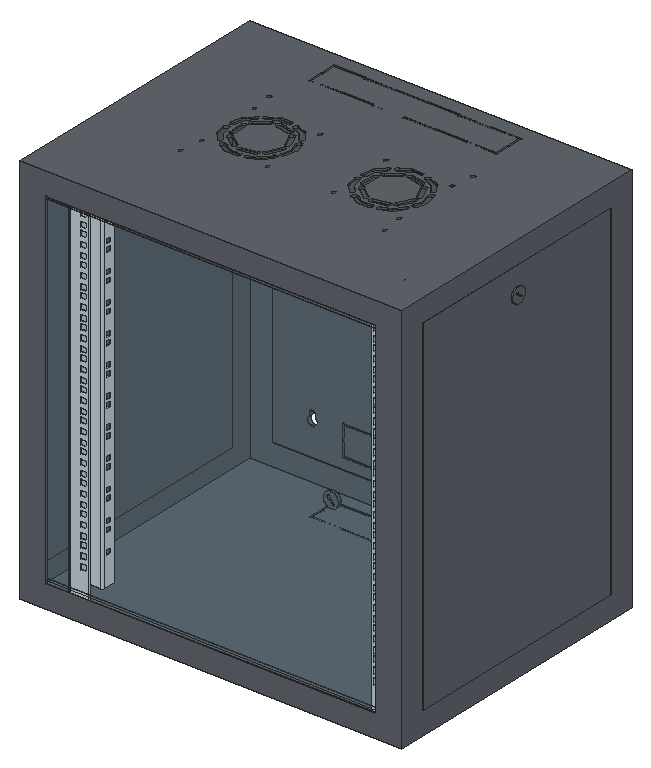
Revit family "Legrand Linkeo coffrets fixes avec panneaux latéraux amovilbles", category Equipement spécialisé, Revit 2020 (continued)
Forms (mm)
  Extrusion 87, void
    sketch origin (528, -414, 402.05) x (-1, 0, 0) y (0, 0, 1)
      loop
        line (-3.5, 76.4) -> (-3.5, 85.9) -> (-13, 85.9) -> (-13, 76.4) -> (-3.5, 76.4)
    from 0 to 1.5
  Extrusion 88, void
    sketch origin (528, -414, 402.05) x (-1, 0, 0) y (0, 0, 1)
      loop
        line (-3.5, 60.53) -> (-3.5, 70.03) -> (-13, 70.03) -> (-13, 60.53) -> (-3.5, 60.53)
    from 0 to 1.5
  Extrusion 89, void
    sketch origin (60.5, -414, 402.05) x (-1, 0, 0) y (0, 0, 1)
      loop
        line (-3.5, 44.65) -> (-3.5, 54.15) -> (-13, 54.15) -> (-13, 44.65) -> (-3.5, 44.65)
      loop
        line (-3.5, 76.4) -> (-3.5, 85.9) -> (-13, 85.9) -> (-13, 76.4) -> (-3.5, 76.4)
    from 0 to 1.5
  Extrusion 90, void
    sketch origin (60.5, -414, 402.05) x (-1, 0, 0) y (0, 0, 1)
      loop
        line (-3.5, 60.53) -> (-3.5, 70.03) -> (-13, 70.03) -> (-13, 60.53) -> (-3.5, 60.53)
    from 0 to 1.5
  Extrusion 91, void
    sketch origin (528, -414, 446.5) x (-1, 0, 0) y (0, 0, 1)
      loop
        line (-3.5, 44.65) -> (-3.5, 54.15) -> (-13, 54.15) -> (-13, 44.65) -> (-3.5, 44.65)
      loop
        line (-3.5, 76.4) -> (-3.5, 85.9) -> (-13, 85.9) -> (-13, 76.4) -> (-3.5, 76.4)
    from 0 to 1.5
  Extrusion 92, void
    sketch origin (528, -414, 446.5) x (-1, 0, 0) y (0, 0, 1)
      loop
        line (-3.5, 60.53) -> (-3.5, 70.03) -> (-13, 70.03) -> (-13, 60.53) -> (-3.5, 60.53)
    from 0 to 1.5
  Extrusion 93, void
    sketch origin (60.5, -414, 446.5) x (-1, 0, 0) y (0, 0, 1)
      loop
        line (-3.5, 44.65) -> (-3.5, 54.15) -> (-13, 54.15) -> (-13, 44.65) -> (-3.5, 44.65)
      loop
        line (-3.5, 76.4) -> (-3.5, 85.9) -> (-13, 85.9) -> (-13, 76.4) -> (-3.5, 76.4)
    from 0 to 1.5
  Extrusion 94, void
    sketch origin (60.5, -414, 446.5) x (-1, 0, 0) y (0, 0, 1)
      loop
        line (-3.5, 60.53) -> (-3.5, 70.03) -> (-13, 70.03) -> (-13, 60.53) -> (-3.5, 60.53)
    from 0 to 1.5
  Extrusion 95, void
    sketch origin (528, -414, 490.95) x (-1, 0, 0) y (0, 0, 1)
      loop
        line (-3.5, 44.65) -> (-3.5, 54.15) -> (-13, 54.15) -> (-13, 44.65) -> (-3.5, 44.65)
      loop
        line (-3.5, 76.4) -> (-3.5, 85.9) -> (-13, 85.9) -> (-13, 76.4) -> (-3.5, 76.4)
    from 0 to 1.5
  Extrusion 96, void
    sketch origin (528, -414, 490.95) x (-1, 0, 0) y (0, 0, 1)
      loop
        line (-3.5, 60.53) -> (-3.5, 70.03) -> (-13, 70.03) -> (-13, 60.53) -> (-3.5, 60.53)
    from 0 to 1.5
  Extrusion 97, void
    sketch origin (60.5, -414, 490.95) x (-1, 0, 0) y (0, 0, 1)
      loop
        line (-3.5, 44.65) -> (-3.5, 54.15) -> (-13, 54.15) -> (-13, 44.65) -> (-3.5, 44.65)
      loop
        line (-3.5, 76.4) -> (-3.5, 85.9) -> (-13, 85.9) -> (-13, 76.4) -> (-3.5, 76.4)
    from 0 to 1.5
  Extrusion 98, void
    sketch origin (60.5, -414, 490.95) x (-1, 0, 0) y (0, 0, 1)
      loop
        line (-3.5, 60.53) -> (-3.5, 70.03) -> (-13, 70.03) -> (-13, 60.53) -> (-3.5, 60.53)
    from 0 to 1.5
  Extrusion 99, void
    sketch origin (0, 0, 400.05) x (0, 1, 0) y (0, 0, 1)
      loop
        line (-367.986, 87.9) -> (-367.986, 78.4) -> (-358.486, 78.4) -> (-358.486, 87.9) -> (-367.986, 87.9)
    from 539 to 66
  Extrusion 100, void
    sketch origin (0, 0, 368.3) x (0, 1, 0) y (0, 0, 1)
      loop
        line (-367.986, 87.9) -> (-367.986, 78.4) -> (-358.486, 78.4) -> (-358.486, 87.9) -> (-367.986, 87.9)
    from 539 to 66
  Extrusion 101, void
    sketch origin (0, 0, 444.5) x (0, 1, 0) y (0, 0, 1)
      loop
        line (-367.986, 87.9) -> (-367.986, 78.4) -> (-358.486, 78.4) -> (-358.486, 87.9) -> (-367.986, 87.9)
    from 539 to 66
  Extrusion 102, void
    sketch origin (0, 0, 412.75) x (0, 1, 0) y (0, 0, 1)
      loop
        line (-367.986, 87.9) -> (-367.986, 78.4) -> (-358.486, 78.4) -> (-358.486, 87.9) -> (-367.986, 87.9)
    from 539 to 66
  Extrusion 103, void
    sketch origin (0, 0, 488.95) x (0, 1, 0) y (0, 0, 1)
      loop
        line (-367.986, 87.9) -> (-367.986, 78.4) -> (-358.486, 78.4) -> (-358.486, 87.9) -> (-367.986, 87.9)
    from 539 to 66
  Extrusion 104, void
    sketch origin (0, 0, 457.2) x (0, 1, 0) y (0, 0, 1)
      loop
        line (-367.986, 87.9) -> (-367.986, 78.4) -> (-358.486, 78.4) -> (-358.486, 87.9) -> (-367.986, 87.9)
    from 539 to 66
Cuts and joins
  Extrusion 2, Extrusion 3, Extrusion 6, Extrusion 7, Extrusion 8, Extrusion 40, Extrusion 57 cuts Extrusion 1
  Extrusion 9, Extrusion 11, Extrusion 12, Extrusion 15, Extrusion 52 cuts Extrusion 5
  Extrusion 11, Extrusion 12, Extrusion 16, Extrusion 17, Extrusion 20, Extrusion 21, Extrusion 24, Extrusion 25, Extrusion 28, Extrusion 29, Extrusion 32, Extrusion 33, Extrusion 36, Extrusion 37, Extrusion 40, Extrusion 41, Extrusion 42, Extrusion 43, Extrusion 44, Extrusion 45, Extrusion 46, Extrusion 47, Extrusion 48, Extrusion 49, Extrusion 50, Extrusion 51, Extrusion 69, Extrusion 70, Extrusion 73, Extrusion 74, Extrusion 77, Extrusion 78, Extrusion 81, Extrusion 82, Extrusion 83, Extrusion 84, Extrusion 85, Extrusion 86, Extrusion 87, Extrusion 88, Extrusion 91, Extrusion 92, Extrusion 95, Extrusion 96, Extrusion 99, Extrusion 100, Extrusion 101, Extrusion 102, Extrusion 103, Extrusion 104 cuts Extrusion 10
  Extrusion 16, Extrusion 17, Extrusion 22, Extrusion 23, Extrusion 26, Extrusion 27, Extrusion 30, Extrusion 31, Extrusion 34, Extrusion 35, Extrusion 38, Extrusion 39, Extrusion 40, Extrusion 41, Extrusion 42, Extrusion 43, Extrusion 44, Extrusion 45, Extrusion 46, Extrusion 47, Extrusion 48, Extrusion 49, Extrusion 50, Extrusion 51, Extrusion 71, Extrusion 72, Extrusion 75, Extrusion 76, Extrusion 79, Extrusion 80, Extrusion 81, Extrusion 82, Extrusion 83, Extrusion 84, Extrusion 85, Extrusion 86, Extrusion 89, Extrusion 90, Extrusion 93, Extrusion 94, Extrusion 97, Extrusion 98, Extrusion 99, Extrusion 100, Extrusion 101, Extrusion 102, Extrusion 103, Extrusion 104 cuts Extrusion 13
  Extrusion 54 cuts Extrusion 53
  Extrusion 63, Extrusion 65 cuts Extrusion 62
  Extrusion 65 cuts Extrusion 64
Lines and regions (mm)
  model lines, not visible
    curve 1: line (492, 4, 312.5) -> (516, 4, 312.5)
    curve 2: line (0, -239, 293.041) -> (0, -227, 293.041)
    curve 3: line (0, -237, 548) -> (0, -225, 548)
    curve 4: line (608, -213, 548) -> (608, -225, 548)
    curve 5: line (661, -215, 282) -> (661, -227, 282)
    curve 6: line (0, -225, 548) -> (0, -225, 536)
    curve 7: line (53, -227, 282) -> (53, -227, 270)
    curve 8: line (0, -225, 548) -> (0, -225, 536)
    curve 9: line (0, -227, 293.041) -> (0, -227, 281.041)
    curve 10: line (280.2, -221, 359) -> (325.2, -221, 359)
    curve 11: line (280.2, -346.078, 359) -> (325.2, -346.078, 359)
Dimensions and locks
  "Largeur (mm)": plane 4 to plane 3 "Centre (gauche/droite)"
  "Hauteur (mm)": plane 5 to level
  "Profondeur (mm)": plane 6 to plane 1 "Centre (avant/arrière)"
  "Passage utile en largeur (mm)": plane 7 to plane 8
  equal spacing: plane 7, plane 9, plane 8
  equal spacing: plane 4, plane 9, plane 3 "Centre (gauche/droite)"
  equal spacing: plane 5, plane 12, level
  equal spacing: plane 10, plane 12, plane 11
  "Passage utile en hauteur (mm)": plane 10 to plane 11
  locked: Extrusion 2 sketch curve to plane 3 "Centre (gauche/droite)" at 2
  locked: Extrusion 2 sketch curve to plane 4 at 2
  locked: Extrusion 2 sketch curve to level at 2
  locked: plane 5 to Extrusion 2 sketch curve at 2
  locked: plane 6 to plane 13 at 2
  locked: cut or joined group 1 (Extrusion 1, Extrusion 2, Extrusion 3, Extrusion 6, Extrusion 7, Extrusion 8, Extrusion 40, Extrusion 57) to plane 1 "Centre (avant/arrière)" at 2
  plane 10 to Extrusion 4 sketch curve = 5.00 mm
  Extrusion 4 sketch curve to plane 11 = 5.00 mm
  locked: cut or joined group 1 to Extrusion 4 at 5
  locked: Extrusion 5 to plane 1 "Centre (avant/arrière)" at 5
  equal spacing: plane 3 "Centre (gauche/droite)", plane 14, plane 4
  equal spacing: plane 25, plane 26, plane 24
  equal spacing: plane 22, plane 20, plane 23
  "Fixation Y": plane 22 to plane 23
  "Fixation X": plane 25 to plane 24
  "Emplacement de rack": plane 27 to plane 6
  "Epaisseur (mm)": plane 29 to plane 27
  "Epaisseur (mm)": plane 30 to plane 31
  "Epaisseur (mm)": plane 32 to plane 33
  "Epaisseur (mm)": plane 34 to plane 35
  plane 31 to cut or joined group 1 = 45.00 mm
  locked: plane 28 to plane 30 at 31.5
  locked: plane 33 to plane 27 at 42
  locked: plane 34 to plane 31 at 23.5
  locked: plane 32 to plane 36 at 21.5
  locked: plane 37 to level at 46.65
  locked: plane 38 to plane 37 at 9.5
  locked: plane 39 to plane 40 at 9.5
  locked: plane 28 to plane 39 at 3.5
  locked: plane 42 to plane 41 at 9.5
  locked: plane 41 to plane 37 at 31.75
  locked: plane 44 to plane 43 at 9.5
  locked: plane 45 to plane 46 at 9.5
  locked: plane 46 to plane 38 at 6.38
  "Epaisseur (mm)": plane 49 to plane 50
  "Epaisseur (mm)": plane 51 to plane 52
  locked: plane 49 to plane 53 at 21.5
  locked: plane 54 to plane 11 at 5
  plane 5 to plane 55 to plane 10 = 35.00 mm, 0.00 mm
  equal spacing: group 4, group 8, group 11, group 14, group 17, group 20, group 38, group 41, group 44, group 50, group 53, group 56  (x3)
  equal spacing: group 21, group 22, group 23, group 24, group 25, group 26, group 45, group 46, group 47, group 57, group 58, group 59  (x3)
  locked: plane 6 to plane 60 at 40
  locked: plane 58 to plane 1 "Centre (avant/arrière)" at 40
  locked: plane 59 to level at 35
  locked: plane 55 to plane 5 at 35
  locked: plane 27 to plane 61 "Panneaux gauche" at 3.5
  locked: plane 62 "Panneaux droit" to plane 58 at 3.5
  locked: plane 63 "Panneaux haut" to plane 55 at 2
  locked: plane 3 "Centre (gauche/droite)" to Extrusion 58 at 5
  locked: Extrusion 59 to cut or joined group 1 at 5
  plane 62 "Panneaux droit" to plane 61 "Panneaux gauche" = 371.00 mm
  plane 64 to plane 5 = 77.00 mm
  locked: plane 5 to plane 65 at 77
  equal spacing: plane 61 "Panneaux gauche", plane 66, plane 62 "Panneaux droit"
  equal spacing: plane 61 "Panneaux gauche", plane 67, plane 62 "Panneaux droit"
  locked: plane 1 "Centre (avant/arrière)" to plane 68 at 225
  aligned and locked: level to plane 2
  aligned and locked: Extrusion 1 sketch curve to level
  aligned and locked: Extrusion 1 sketch curve to plane 6
  aligned and locked: plane 5 to Extrusion 1 sketch curve
  aligned and locked: Extrusion 1 sketch curve to plane 1 "Centre (avant/arrière)"
  aligned and locked: Extrusion 1 to plane 4
  aligned and locked: Extrusion 1 to plane 3 "Centre (gauche/droite)"
  aligned and locked: cut or joined group 1 to plane 13
  aligned and locked: Extrusion 3 sketch curve to plane 10
  aligned and locked: Extrusion 3 sketch curve to plane 7
  aligned and locked: plane 11 to Extrusion 3 sketch curve
  aligned and locked: Extrusion 3 sketch curve to plane 8
  aligned and locked: Extrusion 1 to Extrusion 3
  aligned and locked: Extrusion 3 to plane 1 "Centre (avant/arrière)"
  aligned and locked: Extrusion 4 sketch curve to plane 7
  aligned and locked: Extrusion 4 sketch curve to plane 8
  aligned and locked: Extrusion 5 sketch curve to plane 8
  aligned and locked: Extrusion 5 sketch curve to plane 7
  aligned and locked: Extrusion 5 to plane 1 "Centre (avant/arrière)"
  aligned and locked: plane 5 to Extrusion 7
  aligned and locked: Extrusion 7 to Extrusion 2
  aligned and locked: Extrusion 8 to level
  aligned and locked: plane 26 to plane 9
  aligned and locked: plane 20 to plane 12
  aligned and locked: Extrusion 5 to Extrusion 9
  aligned and locked: plane 28 to Extrusion 10 sketch curve
  aligned and locked: Extrusion 10 sketch curve to plane 27
  aligned and locked: Extrusion 10 sketch curve to plane 31
  aligned and locked: Extrusion 10 sketch curve to plane 33
  aligned and locked: Extrusion 10 sketch curve to plane 35
  aligned and locked: Extrusion 10 sketch curve to plane 36
  aligned and locked: plane 34 to Extrusion 10 sketch curve
  aligned and locked: plane 32 to Extrusion 10 sketch curve
  aligned and locked: Extrusion 10 sketch curve to plane 30
  aligned and locked: plane 29 to Extrusion 10 sketch curve
  aligned and locked: cut or joined group 1 to Extrusion 10
  aligned and locked: Extrusion 10 to Extrusion 11
  aligned and locked: plane 29 to Extrusion 12
  aligned and locked: plane 47 to Extrusion 13 sketch curve
  aligned and locked: plane 50 to Extrusion 13 sketch curve
  aligned and locked: Extrusion 13 sketch curve to plane 52
  aligned and locked: Extrusion 13 sketch curve to plane 53
  aligned and locked: plane 51 to Extrusion 13 sketch curve
  aligned and locked: Extrusion 13 sketch curve to plane 49
  aligned and locked: Extrusion 13 sketch curve to plane 48
  aligned and locked: cut or joined group 1 to Extrusion 13
  aligned and locked: Extrusion 14 sketch curve to Extrusion 14 sketch curve  (x9)
  aligned and locked: plane 54 to cut or joined group of Extrusion 5, Extrusion 9, Extrusion 11, Extrusion 12, Extrusion 15, Extrusion 52
  aligned and locked: Extrusion 40 to plane 35
  aligned and locked: Extrusion 40 to plane 41
  aligned and locked: plane 42 to Extrusion 40
  aligned and locked: Extrusion 40 to plane 43
  aligned and locked: plane 44 to Extrusion 40
  aligned and locked: cut or joined group 2 (Extrusion 13, Extrusion 16, Extrusion 17, Extrusion 22, Extrusion 23, Extrusion 26, Extrusion 27, Extrusion 30, Extrusion 31, Extrusion 34, Extrusion 35, Extrusion 38, Extrusion 39, Extrusion 40, Extrusion 41, Extrusion 42, Extrusion 43, Extrusion 44, Extrusion 45, Extrusion 46, Extrusion 47, Extrusion 48, Extrusion 49, Extrusion 50, Extrusion 51, Extrusion 71, Extrusion 72, Extrusion 75, Extrusion 76, Extrusion 79, Extrusion 80, Extrusion 81, Extrusion 82, Extrusion 83, Extrusion 84, Extrusion 85, Extrusion 86, Extrusion 89, Extrusion 90, Extrusion 93, Extrusion 94, Extrusion 97, Extrusion 98, Extrusion 99, Extrusion 100, Extrusion 101, Extrusion 102, Extrusion 103, Extrusion 104) to Extrusion 41
  aligned and locked: cut or joined group 2 to Extrusion 40
  aligned and locked: Extrusion 52 sketch curve to Extrusion 52 sketch curve  (x9)
  aligned and locked: Extrusion 53 to plane 56
  aligned and locked: plane 56 to plane 20
  aligned and locked: Extrusion 4 to plane 57
  aligned and locked: plane 6 to plane 57
  aligned and locked: plane 59 to Extrusion 57 sketch curve
  aligned and locked: Extrusion 57 sketch curve to plane 27
  aligned and locked: Extrusion 57 sketch curve to plane 55
  aligned and locked: plane 58 to Extrusion 57 sketch curve
  aligned and locked: Extrusion 57 to plane 4
  aligned and locked: plane 59 to Extrusion 58 sketch curve
  aligned and locked: Extrusion 58 sketch curve to plane 61 "Panneaux gauche"
  aligned and locked: Extrusion 58 sketch curve to plane 63 "Panneaux haut"
  aligned and locked: plane 62 "Panneaux droit" to Extrusion 58 sketch curve
  aligned and locked: plane 62 "Panneaux droit" to Extrusion 59
  aligned and locked: Extrusion 59 to plane 63 "Panneaux haut"
  aligned and locked: Extrusion 59 to plane 61 "Panneaux gauche"
  aligned and locked: cut or joined group 1 to Extrusion 59
  aligned and locked: plane 64 to curve 3
  aligned and locked: plane 4 to Extrusion 64
  aligned and locked: plane 65 to curve 4
  aligned and locked: plane 66 to curve 6
  aligned and locked: plane 67 to curve 3
  aligned and locked: plane 68 to curve 10
  aligned and locked: plane 5 to Extrusion 6
  aligned and locked: Extrusion 6 to Extrusion 2
Automatic sketch dimensions
  Extrusion 11 sketch curve to Extrusion 11 sketch curve = 0.00 mm
  Extrusion 11 sketch curve to Extrusion 11 sketch curve = 9.50 mm  (x4)
  Extrusion 11 sketch curve to Extrusion 11 sketch curve = 22.25 mm
  Extrusion 12 sketch curve to Extrusion 12 sketch curve = 9.50 mm  (x2)
  Extrusion 16 sketch curve to Extrusion 16 sketch curve = 0.00 mm
  Extrusion 16 sketch curve to Extrusion 16 sketch curve = 9.50 mm  (x4)
  Extrusion 16 sketch curve to Extrusion 16 sketch curve = 22.25 mm
  Extrusion 17 sketch curve to Extrusion 17 sketch curve = 9.50 mm  (x2)
  Extrusion 18 sketch curve to Extrusion 18 sketch curve = 0.00 mm
  Extrusion 18 sketch curve to Extrusion 18 sketch curve = 9.50 mm  (x4)
  Extrusion 18 sketch curve to Extrusion 18 sketch curve = 22.25 mm
  Extrusion 19 sketch curve to Extrusion 19 sketch curve = 9.50 mm  (x2)
  Extrusion 20 sketch curve to Extrusion 20 sketch curve = 0.00 mm
  Extrusion 20 sketch curve to Extrusion 20 sketch curve = 9.50 mm  (x4)
  Extrusion 20 sketch curve to Extrusion 20 sketch curve = 22.25 mm
  Extrusion 21 sketch curve to Extrusion 21 sketch curve = 9.50 mm  (x2)
  Extrusion 22 sketch curve to Extrusion 22 sketch curve = 0.00 mm
  Extrusion 22 sketch curve to Extrusion 22 sketch curve = 9.50 mm  (x4)
  Extrusion 22 sketch curve to Extrusion 22 sketch curve = 22.25 mm
  Extrusion 23 sketch curve to Extrusion 23 sketch curve = 9.50 mm  (x2)
  Extrusion 24 sketch curve to Extrusion 24 sketch curve = 0.00 mm
  Extrusion 24 sketch curve to Extrusion 24 sketch curve = 9.50 mm  (x4)
  Extrusion 24 sketch curve to Extrusion 24 sketch curve = 22.25 mm
  Extrusion 25 sketch curve to Extrusion 25 sketch curve = 9.50 mm  (x2)
  Extrusion 26 sketch curve to Extrusion 26 sketch curve = 0.00 mm
  Extrusion 26 sketch curve to Extrusion 26 sketch curve = 9.50 mm  (x4)
  Extrusion 26 sketch curve to Extrusion 26 sketch curve = 22.25 mm
  Extrusion 27 sketch curve to Extrusion 27 sketch curve = 9.50 mm  (x2)
  Extrusion 28 sketch curve to Extrusion 28 sketch curve = 0.00 mm
  Extrusion 28 sketch curve to Extrusion 28 sketch curve = 9.50 mm  (x4)
  Extrusion 28 sketch curve to Extrusion 28 sketch curve = 22.25 mm
  Extrusion 29 sketch curve to Extrusion 29 sketch curve = 9.50 mm  (x2)
  Extrusion 30 sketch curve to Extrusion 30 sketch curve = 0.00 mm
  Extrusion 30 sketch curve to Extrusion 30 sketch curve = 9.50 mm  (x4)
  Extrusion 30 sketch curve to Extrusion 30 sketch curve = 22.25 mm
  Extrusion 31 sketch curve to Extrusion 31 sketch curve = 9.50 mm  (x2)
  Extrusion 32 sketch curve to Extrusion 32 sketch curve = 0.00 mm
  Extrusion 32 sketch curve to Extrusion 32 sketch curve = 9.50 mm  (x4)
  Extrusion 32 sketch curve to Extrusion 32 sketch curve = 22.25 mm
  Extrusion 33 sketch curve to Extrusion 33 sketch curve = 9.50 mm  (x2)
  Extrusion 34 sketch curve to Extrusion 34 sketch curve = 0.00 mm
  Extrusion 34 sketch curve to Extrusion 34 sketch curve = 9.50 mm  (x4)
  Extrusion 34 sketch curve to Extrusion 34 sketch curve = 22.25 mm
  Extrusion 35 sketch curve to Extrusion 35 sketch curve = 9.50 mm  (x2)
  Extrusion 36 sketch curve to Extrusion 36 sketch curve = 0.00 mm
  Extrusion 36 sketch curve to Extrusion 36 sketch curve = 9.50 mm  (x4)
  Extrusion 36 sketch curve to Extrusion 36 sketch curve = 22.25 mm
  Extrusion 37 sketch curve to Extrusion 37 sketch curve = 9.50 mm  (x2)
  Extrusion 38 sketch curve to Extrusion 38 sketch curve = 0.00 mm
  Extrusion 38 sketch curve to Extrusion 38 sketch curve = 9.50 mm  (x4)
  Extrusion 38 sketch curve to Extrusion 38 sketch curve = 22.25 mm
  Extrusion 39 sketch curve to Extrusion 39 sketch curve = 9.50 mm  (x2)
  Extrusion 40 sketch curve to Extrusion 40 sketch curve = 9.50 mm  (x2)
  Extrusion 41 sketch curve to Extrusion 41 sketch curve = 9.50 mm  (x2)
  Extrusion 42 sketch curve to Extrusion 42 sketch curve = 9.50 mm  (x2)
  Extrusion 43 sketch curve to Extrusion 43 sketch curve = 9.50 mm  (x2)
  Extrusion 44 sketch curve to Extrusion 44 sketch curve = 9.50 mm  (x2)
  Extrusion 45 sketch curve to Extrusion 45 sketch curve = 9.50 mm  (x2)
  Extrusion 46 sketch curve to Extrusion 46 sketch curve = 9.50 mm  (x2)
  Extrusion 47 sketch curve to Extrusion 47 sketch curve = 9.50 mm  (x2)
  Extrusion 48 sketch curve to Extrusion 48 sketch curve = 9.50 mm  (x2)
  Extrusion 49 sketch curve to Extrusion 49 sketch curve = 9.50 mm  (x2)
  Extrusion 50 sketch curve to Extrusion 50 sketch curve = 9.50 mm  (x2)
  Extrusion 51 sketch curve to Extrusion 51 sketch curve = 9.50 mm  (x2)
  Extrusion 54 sketch curve to Extrusion 54 sketch curve = 1.933 mm  (x2)
  Extrusion 54 sketch curve to Extrusion 54 sketch curve = 10.607 mm
  Extrusion 56 sketch curve to Extrusion 56 sketch curve = 1.933 mm  (x2)
  Extrusion 56 sketch curve to Extrusion 56 sketch curve = 10.607 mm
  Extrusion 52 sketch curve to Extrusion 52 sketch curve = 0.00 mm  (x16)
  Extrusion 52 sketch curve to Extrusion 52 sketch curve = 3.00 mm  (x6)
  Extrusion 52 sketch curve to Extrusion 52 sketch curve = 21.25 mm  (x3)
  Extrusion 52 sketch curve to Extrusion 52 sketch curve = 1.50 mm  (x12)
  Extrusion 52 sketch curve to Extrusion 52 sketch curve = 44.00 mm
  Extrusion 52 sketch curve to Extrusion 52 sketch curve = 46.25 mm  (x3)
  Extrusion 52 sketch curve to Extrusion 52 sketch curve = 48.50 mm  (x4)
  Extrusion 14 sketch curve to Extrusion 14 sketch curve = 0.00 mm  (x16)
  Extrusion 14 sketch curve to Extrusion 14 sketch curve = 3.00 mm  (x6)
  Extrusion 14 sketch curve to Extrusion 14 sketch curve = 21.25 mm  (x3)
  Extrusion 14 sketch curve to Extrusion 14 sketch curve = 1.50 mm  (x12)
  Extrusion 14 sketch curve to Extrusion 14 sketch curve = 44.00 mm
  Extrusion 14 sketch curve to Extrusion 14 sketch curve = 46.25 mm  (x3)
  Extrusion 14 sketch curve to Extrusion 14 sketch curve = 48.50 mm  (x4)
  curve 1 to plane 12 = 0.00 mm
  plane 24 to curve 1 = 12.00 mm
  curve 1 to plane 24 = 12.00 mm
  Extrusion 9 sketch curve to plane 23 = 0.00 mm  (x4)
  Extrusion 9 sketch curve to plane 25 = 0.00 mm  (x2)
  plane 24 to Extrusion 9 sketch curve = 0.00 mm  (x2)
  Extrusion 9 sketch curve to Extrusion 9 sketch curve = 4.251 mm
  plane 24 to Extrusion 9 sketch curve = 4.251 mm
  Extrusion 9 sketch curve to Extrusion 9 sketch curve = 5.069 mm  (x2)
  Extrusion 9 sketch curve to Extrusion 9 sketch curve = 6.179 mm  (x2)
  Extrusion 61 sketch curve to Extrusion 61 sketch curve = 1.933 mm  (x2)
  Extrusion 61 sketch curve to Extrusion 61 sketch curve = 10.607 mm
  curve 2 to curve 2 = 12.00 mm
  Extrusion 63 sketch curve to Extrusion 63 sketch curve = 1.933 mm  (x2)
  Extrusion 63 sketch curve to Extrusion 63 sketch curve = 10.607 mm
  curve 3 to curve 3 = 12.00 mm
  Extrusion 65 sketch curve to Extrusion 65 sketch curve = 1.933 mm  (x2)
  Extrusion 65 sketch curve to Extrusion 65 sketch curve = 10.607 mm
  curve 4 to curve 4 = 12.00 mm
  Extrusion 5 sketch curve to plane 54 = 0.00 mm
  plane 63 "Panneaux haut" to Extrusion 5 sketch curve = 3.50 mm
  Extrusion 1 to Extrusion 7 sketch curve = 24.00 mm  (x3)
  Extrusion 1 to Extrusion 7 sketch curve = 152.50 mm
  Extrusion 7 sketch curve to Extrusion 7 sketch curve = 0.00 mm  (x17)
  Extrusion 7 sketch curve to Extrusion 7 sketch curve = 3.00 mm  (x11)
  Extrusion 7 sketch curve to Extrusion 7 sketch curve = 46.25 mm  (x3)
  Extrusion 7 sketch curve to Extrusion 7 sketch curve = 1.50 mm  (x12)
  Extrusion 7 sketch curve to Extrusion 7 sketch curve = 48.50 mm  (x4)
  Extrusion 1 to Extrusion 7 sketch curve = 27.00 mm
  Extrusion 7 sketch curve to Extrusion 7 sketch curve = 21.25 mm  (x2)
  Extrusion 7 sketch curve to Extrusion 7 sketch curve = 44.00 mm  (x2)
  plane 58 to Extrusion 8 sketch curve = 16.00 mm  (x2)
  plane 25 to Extrusion 8 sketch curve = 50.00 mm
  Extrusion 8 sketch curve to Extrusion 8 sketch curve = 0.00 mm  (x17)
  Extrusion 8 sketch curve to Extrusion 8 sketch curve = 3.00 mm  (x8)
  plane 58 to Extrusion 8 sketch curve = 13.00 mm  (x4)
  Extrusion 8 sketch curve to Extrusion 8 sketch curve = 46.25 mm  (x3)
  Extrusion 8 sketch curve to Extrusion 8 sketch curve = 1.50 mm  (x10)
  Extrusion 8 sketch curve to Extrusion 8 sketch curve = 48.50 mm  (x3)
  Extrusion 8 sketch curve to plane 9 = 0.75 mm  (x2)
  plane 9 to Extrusion 8 sketch curve = 0.75 mm  (x2)
  Extrusion 8 sketch curve to plane 62 "Panneaux droit" = 4.75 mm
  Extrusion 8 sketch curve to plane 62 "Panneaux droit" = 6.25 mm
  Extrusion 8 sketch curve to plane 62 "Panneaux droit" = 27.50 mm  (x2)
  Extrusion 10 sketch curve to Extrusion 10 sketch curve = 0.00 mm  (x6)
  Extrusion 10 sketch curve to Extrusion 10 sketch curve = 1.50 mm  (x3)
  Extrusion 13 sketch curve to Extrusion 13 sketch curve = 0.00 mm  (x6)
  Extrusion 13 sketch curve to Extrusion 13 sketch curve = 1.50 mm  (x2)
  Extrusion 13 sketch curve to Extrusion 13 sketch curve = 30.00 mm
  Extrusion 13 sketch curve to Extrusion 13 sketch curve = 17.50 mm
  Extrusion 15 sketch curve to plane 22 = 0.00 mm  (x4)
  Extrusion 15 sketch curve to plane 25 = 0.00 mm  (x2)
  plane 24 to Extrusion 15 sketch curve = 0.00 mm  (x2)
  Extrusion 15 sketch curve to Extrusion 15 sketch curve = 4.251 mm
  plane 24 to Extrusion 15 sketch curve = 4.251 mm
  Extrusion 15 sketch curve to Extrusion 15 sketch curve = 5.069 mm  (x2)
  plane 42 to Extrusion 15 sketch curve = 3.852 mm  (x2)
  Extrusion 59 sketch curve to plane 61 "Panneaux gauche" = 0.00 mm
  plane 63 "Panneaux haut" to Extrusion 59 sketch curve = 0.00 mm
  plane 59 to Extrusion 59 sketch curve = 0.00 mm
  Extrusion 59 sketch curve to plane 62 "Panneaux droit" = 0.00 mm
  Extrusion 67 sketch curve to Extrusion 67 sketch curve = 1.933 mm  (x2)
  Extrusion 67 sketch curve to Extrusion 67 sketch curve = 10.607 mm
  curve 6 to curve 6 = 12.00 mm
  curve 7 to curve 7 = 12.00 mm
  curve 8 to curve 8 = 12.00 mm
  curve 9 to curve 9 = 12.00 mm
  curve 10 to curve 10 = 45.00 mm
  curve 11 to curve 11 = 45.00 mm
  Extrusion 6 sketch curve to Extrusion 6 sketch curve = 0.00 mm  (x120)
  Extrusion 6 sketch curve to Extrusion 6 sketch curve = 0.762 mm
  Extrusion 6 sketch curve to Extrusion 6 sketch curve = 0.023 mm
  Extrusion 6 sketch curve to Extrusion 6 sketch curve = 4.116 mm  (x2)
  Extrusion 6 sketch curve to Extrusion 6 sketch curve = 4.13 mm
  Extrusion 6 sketch curve to Extrusion 6 sketch curve = 5.00 mm
  Extrusion 6 sketch curve to Extrusion 6 sketch curve = 0.108 mm
  Extrusion 6 sketch curve to Extrusion 6 sketch curve = 4.413 mm
  Extrusion 6 sketch curve to Extrusion 6 sketch curve = 4.114 mm
  Extrusion 6 sketch curve to Extrusion 6 sketch curve = 4.40 mm  (x2)
  Extrusion 6 sketch curve to Extrusion 6 sketch curve = 4.094 mm  (x2)
  Extrusion 6 sketch curve to Extrusion 6 sketch curve = 2.16 mm
  Extrusion 6 sketch curve to Extrusion 6 sketch curve = 3.397 mm  (x3)
  Extrusion 6 sketch curve to Extrusion 6 sketch curve = 1.819 mm
  Extrusion 6 sketch curve to Extrusion 6 sketch curve = 6.141 mm  (x2)
  Extrusion 6 sketch curve to Extrusion 6 sketch curve = 6.001 mm
  Extrusion 6 sketch curve to Extrusion 6 sketch curve = 3.835 mm
  Extrusion 6 sketch curve to Extrusion 6 sketch curve = 9.917 mm
  Extrusion 6 sketch curve to Extrusion 6 sketch curve = 3.82 mm  (x3)
  Extrusion 6 sketch curve to Extrusion 6 sketch curve = 1.732 mm
  Extrusion 6 sketch curve to Extrusion 6 sketch curve = 9.679 mm
  Extrusion 6 sketch curve to Extrusion 6 sketch curve = 1.665 mm  (x3)
  Extrusion 6 sketch curve to Extrusion 6 sketch curve = 2.774 mm  (x2)
  Extrusion 6 sketch curve to Extrusion 6 sketch curve = 2.712 mm  (x2)
  Extrusion 6 sketch curve to Extrusion 6 sketch curve = 10.829 mm
  Extrusion 6 sketch curve to Extrusion 6 sketch curve = 1.693 mm
  Extrusion 6 sketch curve to Extrusion 6 sketch curve = 3.832 mm
  Extrusion 6 sketch curve to Extrusion 6 sketch curve = 9.752 mm  (x2)
  Extrusion 6 sketch curve to Extrusion 6 sketch curve = 9.79 mm
  Extrusion 6 sketch curve to Extrusion 6 sketch curve = 0.927 mm  (x2)
  Extrusion 6 sketch curve to Extrusion 6 sketch curve = 0.956 mm
  Extrusion 6 sketch curve to Extrusion 6 sketch curve = 2.537 mm  (x2)
  Extrusion 6 sketch curve to Extrusion 6 sketch curve = 2.679 mm
  Extrusion 6 sketch curve to Extrusion 6 sketch curve = 1.73 mm  (x2)
  Extrusion 6 sketch curve to Extrusion 6 sketch curve = 1.661 mm
  Extrusion 6 sketch curve to Extrusion 6 sketch curve = 11.228 mm  (x2)
  Extrusion 6 sketch curve to Extrusion 6 sketch curve = 12.747 mm
  Extrusion 6 sketch curve to Extrusion 6 sketch curve = 0.068 mm
  Extrusion 6 sketch curve to Extrusion 6 sketch curve = 0.071 mm
  Extrusion 6 sketch curve to Extrusion 6 sketch curve = 0.193 mm  (x2)
  Extrusion 6 sketch curve to Extrusion 6 sketch curve = 6.551 mm  (x2)
  Extrusion 6 sketch curve to Extrusion 6 sketch curve = 0.934 mm  (x2)
  Extrusion 6 sketch curve to Extrusion 6 sketch curve = 7.601 mm
  Extrusion 6 sketch curve to Extrusion 6 sketch curve = 0.929 mm  (x2)
  Extrusion 6 sketch curve to Extrusion 6 sketch curve = 9.29 mm
  Extrusion 6 sketch curve to Extrusion 6 sketch curve = 8.798 mm  (x2)
  Extrusion 6 sketch curve to Extrusion 6 sketch curve = 0.739 mm  (x2)
  Extrusion 6 sketch curve to Extrusion 6 sketch curve = 7.749 mm  (x2)
  Extrusion 6 sketch curve to Extrusion 6 sketch curve = 0.201 mm  (x2)
  Extrusion 6 sketch curve to Extrusion 6 sketch curve = 7.182 mm
  Extrusion 6 sketch curve to Extrusion 6 sketch curve = 2.017 mm
  Extrusion 6 sketch curve to Extrusion 6 sketch curve = 2.659 mm  (x3)
  Extrusion 6 sketch curve to Extrusion 6 sketch curve = 11.278 mm
  Extrusion 6 sketch curve to Extrusion 6 sketch curve = 2.638 mm  (x6)
  Extrusion 6 sketch curve to Extrusion 6 sketch curve = 7.453 mm
  Extrusion 6 sketch curve to Extrusion 6 sketch curve = 7.509 mm  (x2)
  Extrusion 6 sketch curve to Extrusion 6 sketch curve = 1.957 mm  (x2)
  Extrusion 6 sketch curve to Extrusion 6 sketch curve = 2.02 mm  (x3)
  Extrusion 6 sketch curve to Extrusion 6 sketch curve = 2.023 mm
  Extrusion 6 sketch curve to Extrusion 6 sketch curve = 7.608 mm  (x2)
  Extrusion 6 sketch curve to Extrusion 6 sketch curve = 7.784 mm
  Extrusion 6 sketch curve to Extrusion 6 sketch curve = 0.664 mm  (x2)
  Extrusion 6 sketch curve to Extrusion 6 sketch curve = 1.373 mm
  Extrusion 6 sketch curve to Extrusion 6 sketch curve = 1.477 mm
  Extrusion 6 sketch curve to Extrusion 6 sketch curve = 2.658 mm  (x2)
  Extrusion 6 sketch curve to Extrusion 6 sketch curve = 2.635 mm  (x2)
  Extrusion 6 sketch curve to Extrusion 6 sketch curve = 3.199 mm
  Extrusion 6 sketch curve to Extrusion 6 sketch curve = 3.244 mm
  Extrusion 6 sketch curve to Extrusion 6 sketch curve = 4.25 mm  (x8)
  Extrusion 6 sketch curve to Extrusion 6 sketch curve = 5.15 mm  (x2)
  Extrusion 6 sketch curve to Extrusion 6 sketch curve = 3.196 mm  (x3)
  Extrusion 6 sketch curve to Extrusion 6 sketch curve = 3.248 mm
  Extrusion 6 sketch curve to Extrusion 6 sketch curve = 2.099 mm
  Extrusion 6 sketch curve to Extrusion 6 sketch curve = 8.755 mm  (x2)
  Extrusion 6 sketch curve to Extrusion 6 sketch curve = 3.947 mm  (x2)
  Extrusion 6 sketch curve to Extrusion 6 sketch curve = 3.981 mm  (x2)
  Extrusion 6 sketch curve to Extrusion 6 sketch curve = 9.129 mm
  Extrusion 6 sketch curve to Extrusion 6 sketch curve = 3.194 mm
  Extrusion 6 sketch curve to Extrusion 6 sketch curve = 9.259 mm
  Extrusion 6 sketch curve to Extrusion 6 sketch curve = 0.974 mm  (x2)
  Extrusion 6 sketch curve to Extrusion 6 sketch curve = 4.183 mm  (x3)
  Extrusion 6 sketch curve to Extrusion 6 sketch curve = 12.801 mm
  Extrusion 6 sketch curve to Extrusion 6 sketch curve = 12.446 mm
  Extrusion 6 sketch curve to Extrusion 6 sketch curve = 98.699 mm
  Extrusion 6 sketch curve to Extrusion 6 sketch curve = 0.02 mm
  Extrusion 6 sketch curve to Extrusion 6 sketch curve = 4.096 mm
  Extrusion 6 sketch curve to Extrusion 6 sketch curve = 4.128 mm
  Extrusion 6 sketch curve to Extrusion 6 sketch curve = 0.11 mm
  Extrusion 6 sketch curve to Extrusion 6 sketch curve = 4.218 mm
  Extrusion 6 sketch curve to Extrusion 6 sketch curve = 4.415 mm
  Extrusion 6 sketch curve to Extrusion 6 sketch curve = 4.115 mm  (x2)
  Extrusion 6 sketch curve to Extrusion 6 sketch curve = 2.162 mm
  Extrusion 6 sketch curve to Extrusion 6 sketch curve = 3.395 mm
  Extrusion 6 sketch curve to Extrusion 6 sketch curve = 5.935 mm
  Extrusion 6 sketch curve to Extrusion 6 sketch curve = 3.442 mm  (x5)
  Extrusion 6 sketch curve to Extrusion 6 sketch curve = 9.844 mm
  Extrusion 6 sketch curve to Extrusion 6 sketch curve = 3.834 mm
  Extrusion 6 sketch curve to Extrusion 6 sketch curve = 6.233 mm
  Extrusion 6 sketch curve to Extrusion 6 sketch curve = 3.838 mm
  Extrusion 6 sketch curve to Extrusion 6 sketch curve = 11.649 mm
  Extrusion 6 sketch curve to Extrusion 6 sketch curve = 3.445 mm
  Extrusion 6 sketch curve to Extrusion 6 sketch curve = 1.663 mm
  Extrusion 6 sketch curve to Extrusion 6 sketch curve = 6.879 mm
  Extrusion 6 sketch curve to Extrusion 6 sketch curve = 1.596 mm
  Extrusion 6 sketch curve to Extrusion 6 sketch curve = 3.825 mm
  Extrusion 6 sketch curve to Extrusion 6 sketch curve = 9.789 mm
  Extrusion 6 sketch curve to Extrusion 6 sketch curve = 0.957 mm
  Extrusion 6 sketch curve to Extrusion 6 sketch curve = 2.681 mm
  Extrusion 6 sketch curve to Extrusion 6 sketch curve = 1.662 mm
  Extrusion 6 sketch curve to Extrusion 6 sketch curve = 12.746 mm
  Extrusion 6 sketch curve to Extrusion 6 sketch curve = 0.119 mm
  Extrusion 6 sketch curve to Extrusion 6 sketch curve = 0.121 mm
  Extrusion 6 sketch curve to Extrusion 6 sketch curve = 7.502 mm
  Extrusion 6 sketch curve to Extrusion 6 sketch curve = 7.853 mm
  Extrusion 6 sketch curve to Extrusion 6 sketch curve = 1.018 mm
  Extrusion 6 sketch curve to Extrusion 6 sketch curve = 3.425 mm
  Extrusion 6 sketch curve to Extrusion 6 sketch curve = 10.093 mm
  Extrusion 6 sketch curve to Extrusion 6 sketch curve = 2.018 mm
  Extrusion 6 sketch curve to Extrusion 6 sketch curve = 7.782 mm
  Extrusion 6 sketch curve to Extrusion 6 sketch curve = 2.656 mm
  Extrusion 6 sketch curve to Extrusion 6 sketch curve = 1.916 mm
  Extrusion 6 sketch curve to Extrusion 6 sketch curve = 2.086 mm
  Extrusion 6 sketch curve to Extrusion 6 sketch curve = 3.246 mm  (x3)
  Extrusion 6 sketch curve to Extrusion 6 sketch curve = 8.844 mm
  Extrusion 6 sketch curve to Extrusion 6 sketch curve = 4.946 mm
  Extrusion 6 sketch curve to Extrusion 6 sketch curve = 9.339 mm
  Extrusion 6 sketch curve to Extrusion 6 sketch curve = 4.182 mm  (x2)
  Extrusion 6 sketch curve to Extrusion 6 sketch curve = 3.193 mm
  Extrusion 6 sketch curve to Extrusion 6 sketch curve = 4.17 mm  (x2)
  Extrusion 6 sketch curve to Extrusion 6 sketch curve = 12.448 mm
  Extrusion 6 sketch curve to Extrusion 6 sketch curve = 16.00 mm
  Extrusion 6 sketch curve to Extrusion 6 sketch curve = 4.998 mm  (x2)
  Extrusion 6 sketch curve to Extrusion 6 sketch curve = 32.934 mm  (x2)
  Extrusion 6 sketch curve to Extrusion 6 sketch curve = 0.039 mm  (x3)
  Extrusion 6 sketch curve to Extrusion 6 sketch curve = 0.04 mm
  Extrusion 6 sketch curve to Extrusion 6 sketch curve = 2.498 mm
  Extrusion 6 sketch curve to Extrusion 6 sketch curve = 35.498 mm
  Extrusion 6 sketch curve to Extrusion 6 sketch curve = 2.525 mm
  Extrusion 6 sketch curve to Extrusion 6 sketch curve = 2.566 mm
  Extrusion 6 sketch curve to Extrusion 6 sketch curve = 35.50 mm  (x2)
  Extrusion 6 sketch curve to Extrusion 6 sketch curve = 3.741 mm  (x2)
  Extrusion 6 sketch curve to Extrusion 6 sketch curve = 3.74 mm
  Extrusion 6 sketch curve to Extrusion 6 sketch curve = 4.248 mm
  Extrusion 6 sketch curve to Extrusion 6 sketch curve = 0.951 mm
  Extrusion 6 sketch curve to Extrusion 6 sketch curve = 2.405 mm
  Extrusion 6 sketch curve to Extrusion 6 sketch curve = 1.097 mm
  Extrusion 6 sketch curve to Extrusion 6 sketch curve = 7.843 mm
  Extrusion 6 sketch curve to Extrusion 6 sketch curve = 4.281 mm
  Extrusion 6 sketch curve to Extrusion 6 sketch curve = 2.551 mm
  Extrusion 6 sketch curve to Extrusion 6 sketch curve = 2.552 mm
  Extrusion 6 sketch curve to Extrusion 6 sketch curve = 1.356 mm
  Extrusion 6 sketch curve to Extrusion 6 sketch curve = 3.912 mm  (x2)
  Extrusion 6 sketch curve to Extrusion 6 sketch curve = 3.738 mm
  Extrusion 6 sketch curve to Extrusion 6 sketch curve = 3.56 mm
  Extrusion 6 sketch curve to Extrusion 6 sketch curve = 3.911 mm
  Extrusion 6 sketch curve to Extrusion 6 sketch curve = 0.382 mm
  Extrusion 6 sketch curve to Extrusion 6 sketch curve = 7.868 mm
  Extrusion 6 sketch curve to Extrusion 6 sketch curve = 11.634 mm
  Extrusion 6 sketch curve to Extrusion 6 sketch curve = 5.35 mm
  Extrusion 6 sketch curve to Extrusion 6 sketch curve = 5.352 mm
  Extrusion 6 sketch curve to Extrusion 6 sketch curve = 3.464 mm  (x2)
  Extrusion 6 sketch curve to Extrusion 6 sketch curve = 6.063 mm
  Extrusion 6 sketch curve to Extrusion 6 sketch curve = 6.064 mm
  Extrusion 6 sketch curve to Extrusion 6 sketch curve = 3.332 mm  (x2)
  Extrusion 6 sketch curve to Extrusion 6 sketch curve = 3.713 mm
  Extrusion 6 sketch curve to Extrusion 6 sketch curve = 2.743 mm  (x2)
  Extrusion 6 sketch curve to Extrusion 6 sketch curve = 2.741 mm
  Extrusion 6 sketch curve to Extrusion 6 sketch curve = 4.141 mm  (x2)
  Extrusion 6 sketch curve to Extrusion 6 sketch curve = 10.631 mm
  Extrusion 6 sketch curve to Extrusion 6 sketch curve = 13.187 mm
  Extrusion 6 sketch curve to Extrusion 6 sketch curve = 2.556 mm
  Extrusion 6 sketch curve to Extrusion 6 sketch curve = 2.554 mm
  Extrusion 6 sketch curve to Extrusion 6 sketch curve = 0.959 mm
  Extrusion 6 sketch curve to Extrusion 6 sketch curve = 11.318 mm
  Extrusion 6 sketch curve to Extrusion 6 sketch curve = 7.433 mm
  Extrusion 6 sketch curve to Extrusion 6 sketch curve = 10.179 mm
  Extrusion 6 sketch curve to Extrusion 6 sketch curve = 1.837 mm
  Extrusion 6 sketch curve to Extrusion 6 sketch curve = 1.674 mm
  Extrusion 6 sketch curve to Extrusion 6 sketch curve = 0.749 mm
  Extrusion 6 sketch curve to Extrusion 6 sketch curve = 2.423 mm
  Extrusion 6 sketch curve to Extrusion 6 sketch curve = 3.335 mm  (x2)
  Extrusion 6 sketch curve to Extrusion 6 sketch curve = 1.873 mm  (x2)
  Extrusion 6 sketch curve to Extrusion 6 sketch curve = 10.88 mm
  Extrusion 6 sketch curve to Extrusion 6 sketch curve = 10.883 mm
  Extrusion 6 sketch curve to Extrusion 6 sketch curve = 1.142 mm
  Extrusion 6 sketch curve to Extrusion 6 sketch curve = 1.14 mm
  Extrusion 6 sketch curve to Extrusion 6 sketch curve = 9.533 mm
  Extrusion 6 sketch curve to Extrusion 6 sketch curve = 9.534 mm
  Extrusion 6 sketch curve to Extrusion 6 sketch curve = 0.011 mm
  Extrusion 6 sketch curve to Extrusion 6 sketch curve = 0.01 mm
  Extrusion 6 sketch curve to Extrusion 6 sketch curve = 8.315 mm
  Extrusion 6 sketch curve to Extrusion 6 sketch curve = 8.317 mm
  Extrusion 6 sketch curve to Extrusion 6 sketch curve = 4.075 mm  (x2)
  Extrusion 6 sketch curve to Extrusion 6 sketch curve = 4.082 mm
  Extrusion 6 sketch curve to Extrusion 6 sketch curve = 0.758 mm
  Extrusion 6 sketch curve to Extrusion 6 sketch curve = 0.75 mm
  Extrusion 6 sketch curve to Extrusion 6 sketch curve = 1.832 mm
  Extrusion 6 sketch curve to Extrusion 6 sketch curve = 1.833 mm
  Extrusion 6 sketch curve to Extrusion 6 sketch curve = 6.438 mm
  Extrusion 6 sketch curve to Extrusion 6 sketch curve = 6.449 mm
  Extrusion 6 sketch curve to Extrusion 6 sketch curve = 1.144 mm
  Extrusion 6 sketch curve to Extrusion 6 sketch curve = 1.135 mm
  Extrusion 6 sketch curve to Extrusion 6 sketch curve = 9.734 mm
  Extrusion 6 sketch curve to Extrusion 6 sketch curve = 1.864 mm
  Extrusion 6 sketch curve to Extrusion 6 sketch curve = 9.773 mm
  Extrusion 6 sketch curve to Extrusion 6 sketch curve = 11.668 mm
  Extrusion 6 sketch curve to Extrusion 6 sketch curve = 13.243 mm
  Extrusion 6 sketch curve to Extrusion 6 sketch curve = 0.82 mm
  Extrusion 6 sketch curve to Extrusion 6 sketch curve = 4.72 mm
  Extrusion 6 sketch curve to Extrusion 6 sketch curve = 5.555 mm
  Extrusion 6 sketch curve to Extrusion 6 sketch curve = 0.015 mm  (x2)
  Extrusion 6 sketch curve to Extrusion 6 sketch curve = 9.069 mm
  Extrusion 6 sketch curve to Extrusion 6 sketch curve = 1.059 mm
  Extrusion 6 sketch curve to Extrusion 6 sketch curve = 10.127 mm
  Extrusion 6 sketch curve to Extrusion 6 sketch curve = 1.063 mm
  Extrusion 6 sketch curve to Extrusion 6 sketch curve = 9.504 mm
  Extrusion 6 sketch curve to Extrusion 6 sketch curve = 9.519 mm
  Extrusion 6 sketch curve to Extrusion 6 sketch curve = 0.888 mm  (x2)
  Extrusion 6 sketch curve to Extrusion 6 sketch curve = 1.945 mm  (x2)
  Extrusion 6 sketch curve to Extrusion 6 sketch curve = 0.83 mm
  Extrusion 6 sketch curve to Extrusion 6 sketch curve = 0.835 mm
  Extrusion 6 sketch curve to Extrusion 6 sketch curve = 9.576 mm
  Extrusion 6 sketch curve to Extrusion 6 sketch curve = 18.645 mm
  Extrusion 6 sketch curve to Extrusion 6 sketch curve = 3.316 mm  (x3)
  Extrusion 6 sketch curve to Extrusion 6 sketch curve = 3.318 mm
  Extrusion 6 sketch curve to Extrusion 6 sketch curve = 9.348 mm
  Extrusion 6 sketch curve to Extrusion 6 sketch curve = 1.863 mm
  Extrusion 6 sketch curve to Extrusion 6 sketch curve = 1.862 mm
  Extrusion 6 sketch curve to Extrusion 6 sketch curve = 2.493 mm  (x3)
  Extrusion 6 sketch curve to Extrusion 6 sketch curve = 12.899 mm
  Extrusion 6 sketch curve to Extrusion 6 sketch curve = 7.351 mm
  Extrusion 6 sketch curve to Extrusion 6 sketch curve = 10.962 mm
  Extrusion 6 sketch curve to Extrusion 6 sketch curve = 0.294 mm
  Extrusion 6 sketch curve to Extrusion 6 sketch curve = 9.196 mm
  Extrusion 6 sketch curve to Extrusion 6 sketch curve = 9.197 mm
  Extrusion 6 sketch curve to Extrusion 6 sketch curve = 1.621 mm
  Extrusion 6 sketch curve to Extrusion 6 sketch curve = 1.622 mm
  Extrusion 6 sketch curve to Extrusion 6 sketch curve = 2.798 mm
  Extrusion 6 sketch curve to Extrusion 6 sketch curve = 10.148 mm
  Extrusion 6 sketch curve to Extrusion 6 sketch curve = 9.556 mm
  Extrusion 6 sketch curve to Extrusion 6 sketch curve = 4.148 mm  (x2)
  Extrusion 6 sketch curve to Extrusion 6 sketch curve = 4.147 mm  (x2)
  Extrusion 6 sketch curve to Extrusion 6 sketch curve = 0.521 mm  (x2)
  Extrusion 6 sketch curve to Extrusion 6 sketch curve = 3.415 mm  (x2)
  Extrusion 6 sketch curve to Extrusion 6 sketch curve = 2.489 mm
  Extrusion 6 sketch curve to Extrusion 6 sketch curve = 3.773 mm  (x2)
  Extrusion 6 sketch curve to Extrusion 6 sketch curve = 6.194 mm  (x2)
  Extrusion 6 sketch curve to Extrusion 6 sketch curve = 3.579 mm  (x2)
  Extrusion 6 sketch curve to Extrusion 6 sketch curve = 7.574 mm
  Extrusion 6 sketch curve to Extrusion 6 sketch curve = 7.575 mm
  Extrusion 6 sketch curve to Extrusion 6 sketch curve = 3.882 mm  (x2)
  Extrusion 6 sketch curve to Extrusion 6 sketch curve = 4.246 mm  (x2)
  Extrusion 6 sketch curve to Extrusion 6 sketch curve = 4.298 mm  (x2)
  Extrusion 6 sketch curve to Extrusion 6 sketch curve = 17.173 mm
  Extrusion 6 sketch curve to Extrusion 6 sketch curve = 8.927 mm
  Extrusion 6 sketch curve to Extrusion 6 sketch curve = 11.415 mm
  Extrusion 6 sketch curve to Extrusion 6 sketch curve = 14.373 mm
  Extrusion 6 sketch curve to Extrusion 6 sketch curve = 4.245 mm  (x2)
  Extrusion 6 sketch curve to Extrusion 6 sketch curve = 35.501 mm
  Extrusion 6 sketch curve to Extrusion 6 sketch curve = 4.095 mm  (x2)
  Extrusion 6 sketch curve to Extrusion 6 sketch curve = 3.823 mm  (x4)
  Extrusion 6 sketch curve to Extrusion 6 sketch curve = 1.708 mm
  Extrusion 6 sketch curve to Extrusion 6 sketch curve = 3.836 mm  (x4)
  Extrusion 6 sketch curve to Extrusion 6 sketch curve = 1.734 mm  (x3)
  Extrusion 6 sketch curve to Extrusion 6 sketch curve = 0.931 mm  (x2)
  Extrusion 6 sketch curve to Extrusion 6 sketch curve = 0.96 mm  (x6)
  Extrusion 6 sketch curve to Extrusion 6 sketch curve = 0.197 mm  (x2)
  Extrusion 6 sketch curve to Extrusion 6 sketch curve = 2.138 mm
  Extrusion 6 sketch curve to Extrusion 6 sketch curve = 2.153 mm  (x2)
  Extrusion 6 sketch curve to Extrusion 6 sketch curve = 1.952 mm  (x2)
  Extrusion 6 sketch curve to Extrusion 6 sketch curve = 2.661 mm  (x2)
  Extrusion 6 sketch curve to Extrusion 6 sketch curve = 4.169 mm  (x2)
  Extrusion 6 sketch curve to Extrusion 6 sketch curve = 0.937 mm  (x2)
  Extrusion 6 sketch curve to Extrusion 6 sketch curve = 1.711 mm
  Extrusion 6 sketch curve to Extrusion 6 sketch curve = 2.14 mm
  Extrusion 6 sketch curve to Extrusion 6 sketch curve = 4.14 mm  (x2)
  Extrusion 6 sketch curve to Extrusion 6 sketch curve = 1.831 mm
  Extrusion 6 sketch curve to Extrusion 6 sketch curve = 1.857 mm
  Extrusion 6 sketch curve to Extrusion 6 sketch curve = 0.828 mm
  Extrusion 6 sketch curve to Extrusion 6 sketch curve = 2.801 mm
  Extrusion 68 sketch curve to Extrusion 68 sketch curve = 0.00 mm  (x120)
  Extrusion 68 sketch curve to Extrusion 68 sketch curve = 0.762 mm
  Extrusion 68 sketch curve to Extrusion 68 sketch curve = 0.023 mm
  Extrusion 68 sketch curve to Extrusion 68 sketch curve = 4.116 mm  (x2)
  Extrusion 68 sketch curve to Extrusion 68 sketch curve = 4.13 mm
  Extrusion 68 sketch curve to Extrusion 68 sketch curve = 5.00 mm
  Extrusion 68 sketch curve to Extrusion 68 sketch curve = 0.108 mm
  Extrusion 68 sketch curve to Extrusion 68 sketch curve = 4.413 mm
  Extrusion 68 sketch curve to Extrusion 68 sketch curve = 4.114 mm
  Extrusion 68 sketch curve to Extrusion 68 sketch curve = 4.40 mm  (x2)
  Extrusion 68 sketch curve to Extrusion 68 sketch curve = 4.094 mm  (x2)
  Extrusion 68 sketch curve to Extrusion 68 sketch curve = 2.16 mm
  Extrusion 68 sketch curve to Extrusion 68 sketch curve = 3.397 mm  (x3)
  Extrusion 68 sketch curve to Extrusion 68 sketch curve = 1.819 mm
  Extrusion 68 sketch curve to Extrusion 68 sketch curve = 6.141 mm  (x2)
  Extrusion 68 sketch curve to Extrusion 68 sketch curve = 6.001 mm
  Extrusion 68 sketch curve to Extrusion 68 sketch curve = 3.835 mm
  Extrusion 68 sketch curve to Extrusion 68 sketch curve = 9.917 mm
  Extrusion 68 sketch curve to Extrusion 68 sketch curve = 3.82 mm  (x3)
  Extrusion 68 sketch curve to Extrusion 68 sketch curve = 1.732 mm
  Extrusion 68 sketch curve to Extrusion 68 sketch curve = 9.679 mm
  Extrusion 68 sketch curve to Extrusion 68 sketch curve = 1.665 mm  (x3)
  Extrusion 68 sketch curve to Extrusion 68 sketch curve = 2.774 mm  (x2)
  Extrusion 68 sketch curve to Extrusion 68 sketch curve = 2.712 mm  (x2)
  Extrusion 68 sketch curve to Extrusion 68 sketch curve = 10.829 mm
  Extrusion 68 sketch curve to Extrusion 68 sketch curve = 1.693 mm
  Extrusion 68 sketch curve to Extrusion 68 sketch curve = 3.832 mm
  Extrusion 68 sketch curve to Extrusion 68 sketch curve = 9.752 mm  (x2)
  Extrusion 68 sketch curve to Extrusion 68 sketch curve = 9.79 mm
  Extrusion 68 sketch curve to Extrusion 68 sketch curve = 0.927 mm  (x2)
  Extrusion 68 sketch curve to Extrusion 68 sketch curve = 0.956 mm
  Extrusion 68 sketch curve to Extrusion 68 sketch curve = 2.537 mm  (x2)
  Extrusion 68 sketch curve to Extrusion 68 sketch curve = 2.679 mm
  Extrusion 68 sketch curve to Extrusion 68 sketch curve = 1.73 mm  (x2)
  Extrusion 68 sketch curve to Extrusion 68 sketch curve = 1.661 mm
  Extrusion 68 sketch curve to Extrusion 68 sketch curve = 11.228 mm  (x2)
  Extrusion 68 sketch curve to Extrusion 68 sketch curve = 12.747 mm
  Extrusion 68 sketch curve to Extrusion 68 sketch curve = 0.068 mm
  Extrusion 68 sketch curve to Extrusion 68 sketch curve = 0.071 mm
  Extrusion 68 sketch curve to Extrusion 68 sketch curve = 0.193 mm  (x2)
  Extrusion 68 sketch curve to Extrusion 68 sketch curve = 6.551 mm  (x2)
  Extrusion 68 sketch curve to Extrusion 68 sketch curve = 0.934 mm  (x2)
  Extrusion 68 sketch curve to Extrusion 68 sketch curve = 7.601 mm
  Extrusion 68 sketch curve to Extrusion 68 sketch curve = 0.929 mm  (x2)
  Extrusion 68 sketch curve to Extrusion 68 sketch curve = 9.29 mm
  Extrusion 68 sketch curve to Extrusion 68 sketch curve = 8.798 mm  (x2)
  Extrusion 68 sketch curve to Extrusion 68 sketch curve = 0.739 mm  (x2)
  Extrusion 68 sketch curve to Extrusion 68 sketch curve = 7.749 mm  (x2)
  Extrusion 68 sketch curve to Extrusion 68 sketch curve = 0.201 mm  (x2)
  Extrusion 68 sketch curve to Extrusion 68 sketch curve = 7.182 mm
  Extrusion 68 sketch curve to Extrusion 68 sketch curve = 2.017 mm
  Extrusion 68 sketch curve to Extrusion 68 sketch curve = 2.659 mm  (x3)
  Extrusion 68 sketch curve to Extrusion 68 sketch curve = 11.278 mm
  Extrusion 68 sketch curve to Extrusion 68 sketch curve = 2.638 mm  (x6)
  Extrusion 68 sketch curve to Extrusion 68 sketch curve = 7.453 mm
  Extrusion 68 sketch curve to Extrusion 68 sketch curve = 7.509 mm  (x2)
  Extrusion 68 sketch curve to Extrusion 68 sketch curve = 1.957 mm  (x2)
  Extrusion 68 sketch curve to Extrusion 68 sketch curve = 2.02 mm  (x3)
  Extrusion 68 sketch curve to Extrusion 68 sketch curve = 2.023 mm
  Extrusion 68 sketch curve to Extrusion 68 sketch curve = 7.608 mm  (x2)
  Extrusion 68 sketch curve to Extrusion 68 sketch curve = 7.784 mm
  Extrusion 68 sketch curve to Extrusion 68 sketch curve = 0.664 mm  (x2)
  Extrusion 68 sketch curve to Extrusion 68 sketch curve = 1.373 mm
  Extrusion 68 sketch curve to Extrusion 68 sketch curve = 1.477 mm
  Extrusion 68 sketch curve to Extrusion 68 sketch curve = 2.658 mm  (x2)
  Extrusion 68 sketch curve to Extrusion 68 sketch curve = 2.635 mm  (x2)
  Extrusion 68 sketch curve to Extrusion 68 sketch curve = 3.199 mm
  Extrusion 68 sketch curve to Extrusion 68 sketch curve = 3.244 mm
  Extrusion 68 sketch curve to Extrusion 68 sketch curve = 4.25 mm  (x8)
  Extrusion 68 sketch curve to Extrusion 68 sketch curve = 5.15 mm  (x2)
  Extrusion 68 sketch curve to Extrusion 68 sketch curve = 3.196 mm  (x3)
  Extrusion 68 sketch curve to Extrusion 68 sketch curve = 3.248 mm
  Extrusion 68 sketch curve to Extrusion 68 sketch curve = 2.099 mm
  Extrusion 68 sketch curve to Extrusion 68 sketch curve = 8.755 mm  (x2)
  Extrusion 68 sketch curve to Extrusion 68 sketch curve = 3.947 mm  (x2)
  Extrusion 68 sketch curve to Extrusion 68 sketch curve = 3.981 mm  (x2)
  Extrusion 68 sketch curve to Extrusion 68 sketch curve = 9.129 mm
  Extrusion 68 sketch curve to Extrusion 68 sketch curve = 3.194 mm
  Extrusion 68 sketch curve to Extrusion 68 sketch curve = 9.259 mm
  Extrusion 68 sketch curve to Extrusion 68 sketch curve = 0.974 mm  (x2)
  Extrusion 68 sketch curve to Extrusion 68 sketch curve = 4.183 mm  (x3)
  Extrusion 68 sketch curve to Extrusion 68 sketch curve = 12.801 mm
  Extrusion 68 sketch curve to Extrusion 68 sketch curve = 12.446 mm
  Extrusion 68 sketch curve to Extrusion 68 sketch curve = 98.699 mm
  Extrusion 68 sketch curve to Extrusion 68 sketch curve = 0.02 mm
  Extrusion 68 sketch curve to Extrusion 68 sketch curve = 4.096 mm
  Extrusion 68 sketch curve to Extrusion 68 sketch curve = 4.128 mm
  Extrusion 68 sketch curve to Extrusion 68 sketch curve = 0.11 mm
  Extrusion 68 sketch curve to Extrusion 68 sketch curve = 4.218 mm
  Extrusion 68 sketch curve to Extrusion 68 sketch curve = 4.415 mm
  Extrusion 68 sketch curve to Extrusion 68 sketch curve = 4.115 mm  (x2)
  Extrusion 68 sketch curve to Extrusion 68 sketch curve = 2.162 mm
  Extrusion 68 sketch curve to Extrusion 68 sketch curve = 3.395 mm
  Extrusion 68 sketch curve to Extrusion 68 sketch curve = 5.935 mm
  Extrusion 68 sketch curve to Extrusion 68 sketch curve = 3.442 mm  (x5)
  Extrusion 68 sketch curve to Extrusion 68 sketch curve = 9.844 mm
  Extrusion 68 sketch curve to Extrusion 68 sketch curve = 3.834 mm
  Extrusion 68 sketch curve to Extrusion 68 sketch curve = 6.233 mm
  Extrusion 68 sketch curve to Extrusion 68 sketch curve = 3.838 mm
  Extrusion 68 sketch curve to Extrusion 68 sketch curve = 11.649 mm
  Extrusion 68 sketch curve to Extrusion 68 sketch curve = 3.445 mm
  Extrusion 68 sketch curve to Extrusion 68 sketch curve = 1.663 mm
  Extrusion 68 sketch curve to Extrusion 68 sketch curve = 6.879 mm
  Extrusion 68 sketch curve to Extrusion 68 sketch curve = 1.596 mm
  Extrusion 68 sketch curve to Extrusion 68 sketch curve = 3.825 mm
  Extrusion 68 sketch curve to Extrusion 68 sketch curve = 9.789 mm
  Extrusion 68 sketch curve to Extrusion 68 sketch curve = 0.957 mm
  Extrusion 68 sketch curve to Extrusion 68 sketch curve = 2.681 mm
  Extrusion 68 sketch curve to Extrusion 68 sketch curve = 1.662 mm
  Extrusion 68 sketch curve to Extrusion 68 sketch curve = 12.746 mm
  Extrusion 68 sketch curve to Extrusion 68 sketch curve = 0.119 mm
  Extrusion 68 sketch curve to Extrusion 68 sketch curve = 0.121 mm
  Extrusion 68 sketch curve to Extrusion 68 sketch curve = 7.502 mm
  Extrusion 68 sketch curve to Extrusion 68 sketch curve = 7.853 mm
  Extrusion 68 sketch curve to Extrusion 68 sketch curve = 1.018 mm
  Extrusion 68 sketch curve to Extrusion 68 sketch curve = 3.425 mm
  Extrusion 68 sketch curve to Extrusion 68 sketch curve = 10.093 mm
  Extrusion 68 sketch curve to Extrusion 68 sketch curve = 2.018 mm
  Extrusion 68 sketch curve to Extrusion 68 sketch curve = 7.782 mm
  Extrusion 68 sketch curve to Extrusion 68 sketch curve = 2.656 mm
  Extrusion 68 sketch curve to Extrusion 68 sketch curve = 1.916 mm
